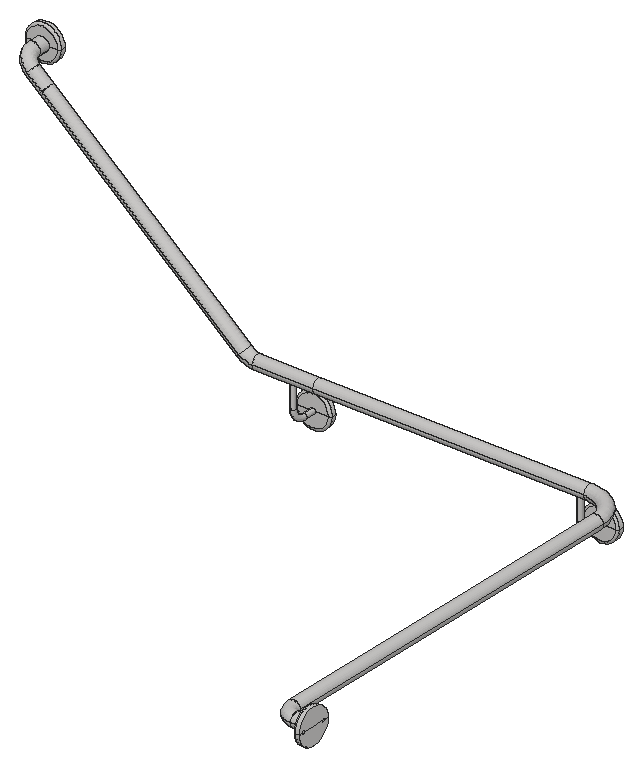
Revit family "RBA4041-910", category Plumbing Fixtures, Revit 2021
Family settings
  Round Connector Dimension = Use Diameter
  Part Type = Normal
  Work Plane-Based = No
  Always vertical = Yes
  Cut with Voids When Loaded = No
  Shared = No
  Room Calculation Point = No
Parameters (values of type "RBA4041-910")
  Watermarked By = "www.rba.com.au"
  URL = "http://www.rba.com.au/accessible-disabled/grab-rails"
  Phone Number = "1300 788 778"
  OFFSET = 800.00 mm
  Modified Issue = "20190806.01"
  Model = "RBA4041-910"
  Materials and Finishes = Stainless Steel, Satin Finish
  Manufacturer Model = "B819437"
  Manufacturer = "Bobrick"
  Description = "40° Angled 2 Wall Grab Rail"
  Default Elevation = 0.00 mm
  Copyright by = "RBA Group"  # constant formula
  Assembly Code = ""
Reference planes
  plane 1 "Center (Front/Back)": y = 0
  plane 2: z = 0
  plane 3: x = 40.5
  plane 4: z = 800
  plane 5: x = -1445.731
  plane 6: y = -89
  plane 7: y = -57
  plane 8: x = -16.5
  plane 9: x = -48.5
  plane 10: y = -1075
  plane 11: through (-1487.231, -4572, 1184.2) normal (-0.766, 0, 0.6428)
  plane 12: through (-951, -4572, 734.249) normal (-0.766, 0, 0.6428)
  plane 13: x = -909.5
  plane 14: z = 1233.658
  plane 15: z = 684
  plane 16: x = -32.5
  plane 17: y = -73
  plane 18: through (-1498.915, -4572, 1170.275) normal (-0.766, 0, 0.6428)
  plane 19: through (-1456.016, -4572, 1221.401) normal (0.6428, 0, 0.766)
Dimensions and locks
  "OFFSET": plane 4 to plane 2
  locked: plane 4 to nested 1 at 16
  aligned and locked: nested 1 to plane 1 "Center (Front/Back)"
  aligned and locked: plane 3 to nested 1
Nested families
  nested 1: "RBA4041-910" at (100, 0, 784), type "RBA4041-910"
    with R_Void 15.00 mm, R 0.00 mm
Definition of nested family "RBA4041-910"
  Parameters (values of type "RBA4041-910")
    Watermarked By = "www.rba.com.au"
    URL = "http://www.rba.com.au/accessible-disabled/grab-rails"
    R_Void [instance] = 15.00 mm
    R [instance] = 0.00 mm
    Phone Number = "1300 788 778"
    Model = "RBA4041-910"
    Manufacturers Model = "B819437"
    Manufacturer = "Bobrick"
    Description = "40° Angled 2 Wall Grab Rail"
    Default Elevation = 0.00 mm
    Copyrighted by = "RBA Group"  # constant formula
    BAR = none
    Assembly Code = ""
  Reference planes
    plane 1 "Center (Front/Back)": y = 0
    plane 2: z = 0
    plane 3: x = -59.5
    plane 4: y = -1075
    plane 5: y = -73
    plane 6: y = -73
    plane 7: z = -130
    plane 8: z = -70
    plane 9: x = -264.5
    plane 10: x = -204.5
    plane 11: z = -130
    plane 12: z = -70
    plane 13: x = -939.5
    plane 14: x = -879.5
    plane 15: x = -1009.5
    plane 16: x = -132.5
    plane 17: x = -234.5
    plane 18: x = -909.5
    plane 19: z = -100
    plane 20: through (-1009.5, -4572, -0.294) normal (-0.6428, 0, -0.766)
    plane 21: through (-1545.731, -4572, 449.658) normal (-0.766, 0, 0.6428)
    plane 22: through (-1009.5, -4572, -0.294) normal (-0.766, 0, 0.6428)
    plane 23: z = 419.658
    plane 24: z = 479.658
    plane 25: x = -1575.731
    plane 26: x = -1515.731
    plane 27: z = -30
    plane 28: z = 30
    plane 29: y = -1045
    plane 30: y = -1105
  Forms (mm)
    Extrusion 1, solid
      sketch origin (-62.128, -1075, 315.907) x (0, 0, -1) y (0, 1, 0)
        loop
          circle (315.907, 0) r 40
      from -0.219 to 2.628
    Revolve 2, solid
      sketch origin (-40.837, -1075, 0) x (-1, 0, 0) y (0, -1, 0)
        loop
          line (18.663, 0) -> (18.663, -41.5) -> (27.844, -41.5)
          arc (27.844, -41.5) -> (31.337, -40.077) -> (32.842, -36.617) r 5
          line (32.842, -36.617) -> (33.701, 0) -> (18.663, 0)
        axis (18.663, 0) -> (33.701, 0)
      angle from 0 to 360
    Sweep 3, solid
      path origin (-50.046, -1075, 0) x (-1, 0, 0) y (0, -1, 0)
        loop
          line (12.302, 0) -> (50.454, 0)
          arc (50.454, 0) -> (73.082, -9.373) -> (82.454, -32) r 32
          line (82.454, -32) -> (82.454, -922)
          arc (82.454, -922) -> (105.886, -978.569) -> (162.454, -1002) r 80
          line (162.454, -1002) -> (799.454, -1002)
      profile origin (-81.424, -1075, 0) x (0, -1, 0) y (0, 0, 1)
        loop
          circle (0, 0) r 16
    Extrusion 4, solid
      sketch origin (-234.5, -2.628, 215.907) x (0, 0, -1) y (-1, 0, 0)
        loop
          circle (315.907, 0) r 40
      from -0.219 to 2.628
    Revolve 5, solid
      sketch origin (-234.5, 18.663, -100) x (0, -1, 0) y (1, 0, 0)
        loop
          line (18.663, 0) -> (33.701, 0) -> (32.842, 36.617)
          arc (32.842, 36.617) -> (31.337, 40.077) -> (27.844, 41.5) r 5
          line (27.844, 41.5) -> (18.663, 41.5) -> (18.663, 0)
        axis (18.663, 0) -> (33.701, 0)
      angle from 0 to 360
    Sweep 6, solid
      path origin (-234.5, 9.454, -100) x (0, -1, 0) y (0, 0, 1)
        loop
          line (12.302, 0) -> (50.454, 0)
          arc (50.454, 0) -> (73.082, 9.373) -> (82.454, 32) r 32
          line (82.454, 32) -> (82.454, 100)
      profile origin (-234.5, -21.924, -100) x (0, 0, 1) y (-1, 0, 0)
        loop
          circle (0, 0) r 6
    Extrusion 7, void
      sketch origin (-234.5, 34.941, 215.907) x (0, 0, -1) y (-1, 0, 0)
        loop
          circle (315.907, 30) r 5
        loop
          circle (315.907, -30) r 5
      from -37.788 to -30
    Extrusion 8, solid
      sketch origin (-909.5, -2.628, 215.907) x (0, 0, -1) y (-1, 0, 0)
        loop
          circle (315.907, 0) r 40
      from -0.219 to 2.628
    Revolve 9, solid
      sketch origin (-909.5, 18.663, -100) x (0, -1, 0) y (1, 0, 0)
        loop
          line (18.663, 0) -> (33.701, 0) -> (32.842, 36.617)
          arc (32.842, 36.617) -> (31.337, 40.077) -> (27.844, 41.5) r 5
          line (27.844, 41.5) -> (18.663, 41.5) -> (18.663, 0)
        axis (18.663, 0) -> (33.701, 0)
      angle from 0 to 360
    Sweep 10, solid
      path origin (-909.5, 9.454, -100) x (0, -1, 0) y (0, 0, 1)
        loop
          line (12.302, 0) -> (50.454, 0)
          arc (50.454, 0) -> (73.082, 9.373) -> (82.454, 32) r 32
          line (82.454, 32) -> (82.454, 100)
      profile origin (-909.5, -21.924, -100) x (0, 0, 1) y (-1, 0, 0)
        loop
          circle (0, 0) r 6
    Extrusion 11, void
      sketch origin (-909.5, 34.941, 215.907) x (0, 0, -1) y (-1, 0, 0)
        loop
          circle (315.907, 30) r 5
        loop
          circle (315.907, -30) r 5
      from -37.788 to -30
    Extrusion 12, solid
      sketch origin (-1545.731, -2.628, 765.565) x (0, 0, -1) y (-1, 0, 0)
        loop
          circle (315.907, 0) r 40
      from -0.219 to 2.628
    Sweep 13, solid
      path origin (-1931.404, 9.454, -9.969) x (0, -1, 0) y (0.766044, 0, -0.642788)
        loop
          line (12.511, 0) -> (50.454, 0)
          arc (50.454, 0) -> (73.082, 9.373) -> (82.454, 32) r 32
          line (82.454, 32) -> (82.454, 76)
      profile origin (-1931.404, -22.028, -9.969) x (0.766044, 0, -0.642788) y (0.642788, 0, 0.766044)
        loop
          circle (0, 600) r 16
    Revolve 14, solid
      sketch origin (-1545.731, 18.663, 449.658) x (0, -1, 0) y (1, 0, 0)
        loop
          line (18.663, 0) -> (33.701, 0) -> (32.842, 36.617)
          arc (32.842, 36.617) -> (31.337, 40.077) -> (27.844, 41.5) r 5
          line (27.844, 41.5) -> (18.663, 41.5) -> (18.663, 0)
        axis (18.663, 0) -> (33.701, 0)
      angle from 0 to 360
    Extrusion 15, void
      sketch origin (-1545.731, 34.941, 765.565) x (0, 0, -1) y (-1, 0, 0)
        loop
          circle (315.907, 30) r 5
        loop
          circle (315.907, -30) r 5
      from -37.788 to -30
    Sweep 16, solid
      path origin (0, 0, 0) x (1, 0, 0) y (0, 0, 1)
        loop
          line (-849.5, 0) -> (-992.379, 0)
          arc (-992.379, 0) -> (-1008.796, 2.895) -> (-1023.233, 11.23) r 48
          line (-1023.233, 11.23) -> (-1487.512, 400.806)
      profile origin (-920.94, 0, 0) x (0, 0, -1) y (0, -1, 0)
        loop
          circle (0, 73) r 16
    Extrusion 17, void
      sketch origin (-24.559, -1075, 315.907) x (0, 0, -1) y (0, 1, 0)
        loop
          circle (315.907, 30) r 5
        loop
          circle (315.907, -30) r 5
      from -37.788 to -30
  Cuts and joins
    Extrusion 7 cuts Extrusion 4
    Extrusion 11 cuts Extrusion 8
    Extrusion 15 cuts Extrusion 12
    Extrusion 17 cuts Revolve 2
    Extrusion 7 cuts Revolve 5
    Extrusion 11 cuts Revolve 9
    Extrusion 15 cuts Revolve 14
    joined: Revolve 2, Sweep 3, Revolve 5, Sweep 6, Revolve 9, Sweep 10, Sweep 13, Revolve 14, Sweep 16
    Extrusion 17 cuts Extrusion 1
  Dimensions and locks
    plane 4 to plane 1 "Center (Front/Back)" = 1075.00 mm
    Revolve 2 sketch curve to Revolve 2 sketch curve = 41.50 mm
    Revolve 5 sketch curve to Revolve 5 sketch curve = 41.50 mm
    plane 8 to plane 7 = 60.00 mm
    plane 9 to plane 10 = 60.00 mm
    Revolve 9 sketch curve to Revolve 9 sketch curve = 41.50 mm
    plane 12 to plane 11 = 60.00 mm
    plane 13 to plane 14 = 60.00 mm
    plane 17 to plane 3 = 175.00 mm
    plane 3 to plane 17 = 175.00 mm
    plane 2 to plane 19 = 100.00 mm
    plane 15 to plane 18 = 100.00 mm
    plane 1 "Center (Front/Back)" to plane 4 = 1075.00 mm
    plane 21 to plane 22 = 700.00 mm
    Revolve 14 sketch curve to Revolve 14 sketch curve = 41.50 mm
    plane 24 to plane 23 = 60.00 mm
    plane 25 to plane 26 = 60.00 mm
    plane 15 to plane 3 = 950.00 mm
    plane 28 to plane 27 = 60.00 mm
    plane 29 to plane 30 = 60.00 mm
    radius of Extrusion 1 sketch curve = 40.00 mm
    radius of Sweep 3 sketch curve = 16.00 mm
    radius of Extrusion 4 sketch curve = 40.00 mm
    radius of Sweep 6 sketch curve = 6.00 mm
    radius of Extrusion 8 sketch curve = 40.00 mm
    radius of Sweep 10 sketch curve = 6.00 mm
    radius of Extrusion 12 sketch curve = 40.00 mm
    radius of Sweep 13 sketch curve = 16.00 mm
    angle plane 20 to plane 2 = 40.00°
    aligned and locked: Extrusion 1 to Revolve 2
    aligned and locked: Revolve 5 to Extrusion 4
    aligned and locked: Revolve 9 to Extrusion 8
